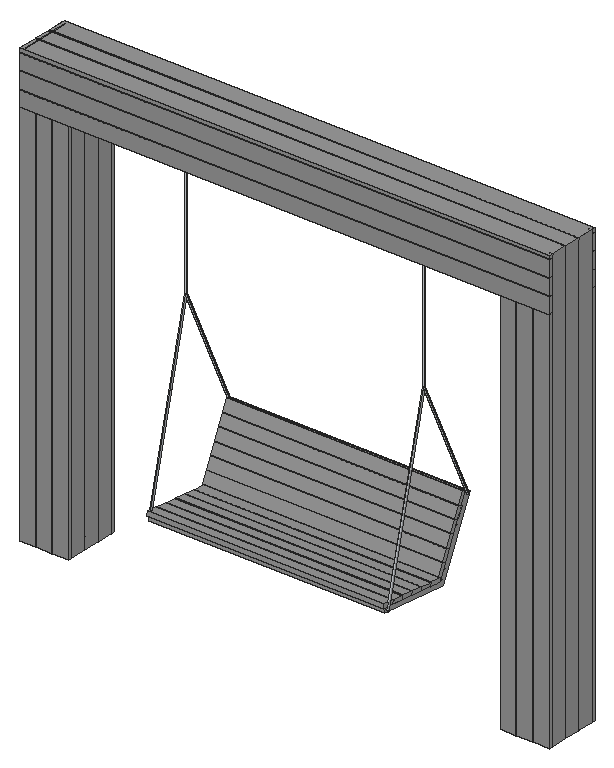
Revit family "14001 Диван-качели «Олимпия» Хоббика", category Антураж, Revit 2018
Family settings
  На основе рабочей плоскости = Нет
  Всегда вертикально = Да
  При загрузке вырезать с полостями = Нет
  Источник визуального образа = Геометрия семейства
  Общий = Нет
  Точка расчета площади = Нет
Parameters (values of type "Версия "Лиственница"")
  Ширина = 665 mm  # constant formula
  Цвет отделки = Лиственница
  Цвет каркаса = Сталь
  Описание = if((Ангарская сосна), "Диван-качели «Олимпия». Версия Ангарская сосна", "Диван-качели «Олимпия». Версия Лиственница")  # "Диван-качели «Олимпия». Версия Лиственница"
  Материал изделия = "Сталь, дерево"  # constant formula
  Лиственница = not(Ангарская сосна)  # yes
  Изображение типоразмера = Диван-качели «Олимпия» Арт 14001.jpg
  Изготовитель = "ООО «Хоббика»"  # constant formula
  Длина = 3360 mm  # constant formula
  Группа модели = "Парковые качели"  # constant formula
  Высота = 2800 mm  # constant formula
  Артикул товара = "Арт. 14001"  # constant formula
  Ангарская сосна = no
  URL = "https://hobbyka.ru/product/divankacheli_olimpiya/"
Types (3, lengths in mm): name | Цвет отделки | Описание | Лиственница | Ангарская сосна
  (no name) | Лиственница | "Диван-качели «Олимпия». Версия Лиственница" | yes | no
  Версия "Ангарская сосна" | Ангарская сосна | "Диван-качели «Олимпия». Версия Ангарская сосна" | no | yes
  Версия "Лиственница" | Лиственница | "Диван-качели «Олимпия». Версия Лиственница" | yes | no
Reference planes
  plane 1 "По центру (Вперед/Назад)": y = 0
  plane 2: z = 0
  plane 3 "По центру (Влево/Вправо)": x = 0
  plane 4: y = 180
  plane 5: y = -180
  plane 6: x = -1680
  plane 7: x = 1680
  plane 8: z = 2800
  plane 9: y = 332.5
  plane 10: y = -332.5
Forms (mm)
  Extrusion 1, solid, material "Лиственница" <- "Цвет отделки"
    sketch origin (0, 0, 0) x (1, 0, 0) y (0, 1, 0)
      loop
        line (-1680, 155) -> (-1680, 55) -> (-1660, 55) -> (-1660, 155) -> (-1680, 155)
      loop
        line (-1680, -50) -> (-1660, -50) -> (-1660, 50) -> (-1680, 50) -> (-1680, -50)
      loop
        line (-1680, -155) -> (-1660, -155) -> (-1660, -55) -> (-1680, -55) -> (-1680, -155)
      loop
        line (1660, 155) -> (1660, 55) -> (1680, 55) -> (1680, 155) -> (1660, 155)
      loop
        line (1660, -50) -> (1680, -50) -> (1680, 50) -> (1660, 50) -> (1660, -50)
      loop
        line (1660, -155) -> (1680, -155) -> (1680, -55) -> (1660, -55) -> (1660, -155)
    from 0 to 2800
  Extrusion 2, solid, material "Лиственница" <- "Цвет отделки"
    sketch origin (0, 0, 0) x (1, 0, 0) y (0, 1, 0)
      loop
        line (-1680, 180) -> (-1680, 160) -> (-1580, 160) -> (-1580, 180) -> (-1680, 180)
      loop
        line (-1575, 180) -> (-1575, 160) -> (-1475, 160) -> (-1475, 180) -> (-1575, 180)
      loop
        line (-1470, 180) -> (-1470, 160) -> (-1370, 160) -> (-1370, 180) -> (-1470, 180)
      loop
        line (-1680, -160) -> (-1680, -180) -> (-1580, -180) -> (-1580, -160) -> (-1680, -160)
      loop
        line (-1575, -160) -> (-1575, -180) -> (-1475, -180) -> (-1475, -160) -> (-1575, -160)
      loop
        line (-1470, -160) -> (-1470, -180) -> (-1370, -180) -> (-1370, -160) -> (-1470, -160)
      loop
        line (1370, 180) -> (1370, 160) -> (1470, 160) -> (1470, 180) -> (1370, 180)
      loop
        line (1475, 180) -> (1475, 160) -> (1575, 160) -> (1575, 180) -> (1475, 180)
      loop
        line (1580, 180) -> (1580, 160) -> (1680, 160) -> (1680, 180) -> (1580, 180)
      loop
        line (1370, -160) -> (1370, -180) -> (1470, -180) -> (1470, -160) -> (1370, -160)
      loop
        line (1475, -160) -> (1475, -180) -> (1575, -180) -> (1575, -160) -> (1475, -160)
      loop
        line (1580, -160) -> (1580, -180) -> (1680, -180) -> (1680, -160) -> (1580, -160)
      loop
        line (-1370, 155) -> (-1390, 155) -> (-1390, 55) -> (-1370, 55) -> (-1370, 155)
      loop
        line (-1370, 50) -> (-1390, 50) -> (-1390, -50) -> (-1370, -50) -> (-1370, 50)
      loop
        line (-1370, -55) -> (-1390, -55) -> (-1390, -155) -> (-1370, -155) -> (-1370, -55)
      loop
        line (1370, 155) -> (1370, 55) -> (1390, 55) -> (1390, 155) -> (1370, 155)
      loop
        line (1370, 50) -> (1370, -50) -> (1390, -50) -> (1390, 50) -> (1370, 50)
      loop
        line (1370, -55) -> (1370, -155) -> (1390, -155) -> (1390, -55) -> (1370, -55)
    from 0 to 2465
  Extrusion 3, solid, material "Лиственница" <- "Цвет отделки"
    sketch origin (0, 0, 0) x (0, 1, 0) y (0, 0, 1)
      loop
        line (180, 2800) -> (55, 2800) -> (55, 2780) -> (180, 2780) -> (180, 2800)
      loop
        line (50, 2780) -> (50, 2800) -> (-49.943, 2800) -> (-49.943, 2780) -> (50, 2780)
      loop
        line (-55, 2780) -> (-55, 2800) -> (-180, 2800) -> (-180, 2780) -> (-55, 2780)
      loop
        line (-180, 2775) -> (-180, 2675) -> (-160, 2675) -> (-160, 2775) -> (-180, 2775)
      loop
        line (-180, 2670) -> (-180, 2570) -> (-160, 2570) -> (-160, 2670) -> (-180, 2670)
      loop
        line (-180, 2565) -> (-180, 2465) -> (-160, 2465) -> (-160, 2565) -> (-180, 2565)
      loop
        line (180, 2775) -> (160, 2775) -> (160, 2675) -> (180, 2675) -> (180, 2775)
      loop
        line (180, 2670) -> (160, 2670) -> (160, 2570) -> (180, 2570) -> (180, 2670)
      loop
        line (180, 2565) -> (160, 2565) -> (160, 2465) -> (180, 2465) -> (180, 2565)
    from -1680 to 1680
  Extrusion 4, solid, material "Сталь" <- "Цвет каркаса"
    sketch origin (0, -18.158, 13) x (0, 1, 0) y (0, 0, 1)
      loop
        line (366.069, 895.003) -> (338.88, 907.681) -> (136.854, 474.435) -> (-299.344, 520.282) -> (-302.48, 490.446) -> (155, 442.363) -> (366.069, 895.003)
    from -750 to -720
  Extrusion 5, solid, material "Сталь" <- "Цвет каркаса"
    sketch origin (0, -18.158, 13) x (0, 1, 0) y (0, 0, 1)
      loop
        line (366.069, 895.003) -> (338.88, 907.681) -> (136.854, 474.435) -> (-299.344, 520.282) -> (-302.48, 490.446) -> (155, 442.363) -> (366.069, 895.003)
    from 720 to 750
  Extrusion 6, solid, material "Лиственница" <- "Цвет отделки"
    sketch origin (0, -18.158, 13) x (0, 1, 0) y (0, 0, 1)
      loop
        line (-244.646, 514.533) -> (-242.032, 539.396) -> (-311.649, 546.713) -> (-314.262, 521.85) -> (-244.646, 514.533)
      loop
        line (-170.056, 506.693) -> (-167.443, 531.556) -> (-237.06, 538.873) -> (-239.673, 514.01) -> (-170.056, 506.693)
      loop
        line (-95.467, 498.853) -> (-92.854, 523.716) -> (-162.471, 531.033) -> (-165.084, 506.17) -> (-95.467, 498.853)
      loop
        line (-20.878, 491.014) -> (-18.265, 515.877) -> (-87.881, 523.194) -> (-90.495, 498.331) -> (-20.878, 491.014)
      loop
        line (53.711, 483.174) -> (56.324, 508.037) -> (-13.292, 515.354) -> (-15.905, 490.491) -> (53.711, 483.174)
      loop
        line (128.3, 475.334) -> (130.913, 500.198) -> (61.297, 507.514) -> (58.684, 482.651) -> (128.3, 475.334)
      loop
        line (178.496, 563.737) -> (155.839, 574.302) -> (126.255, 510.861) -> (148.913, 500.295) -> (178.496, 563.737)
      loop
        line (210.193, 631.71) -> (187.535, 642.275) -> (157.952, 578.834) -> (180.609, 568.268) -> (210.193, 631.71)
      loop
        line (241.889, 699.683) -> (219.231, 710.249) -> (189.648, 646.807) -> (212.306, 636.242) -> (241.889, 699.683)
      loop
        line (273.585, 767.656) -> (250.928, 778.222) -> (221.344, 714.78) -> (244.002, 704.215) -> (273.585, 767.656)
      loop
        line (305.282, 835.629) -> (282.624, 846.195) -> (253.041, 782.753) -> (275.698, 772.188) -> (305.282, 835.629)
      loop
        line (336.978, 903.602) -> (314.32, 914.168) -> (284.737, 850.726) -> (307.395, 840.161) -> (336.978, 903.602)
    from -750 to 750
  Extrusion 7, solid, material "Сталь" <- "Цвет каркаса"
    sketch origin (0, -18.158, 0) x (0, 1, 0) y (0, 0, 1)
      loop
        line (-299.344, 533.282) -> (-302.48, 503.446) -> (-272.644, 500.31) -> (-269.509, 530.146) -> (-299.344, 533.282)
      loop
        line (366.069, 908.003) -> (338.88, 920.681) -> (326.202, 893.492) -> (353.391, 880.814) -> (366.069, 908.003)
    from -750 to 750
  Sweep 8, solid
    path origin (0, -18.158, 0) x (0, 1, 0) y (0, 0, 1)
      loop
        line (0, 2460) -> (0, 1660) -> (346.136, 900.747)
    profile origin (0, -18.158, 2060) x (1, 0, 0) y (0, 1, 0)
      loop
        circle (-755, 0) r 5
  Sweep 9, solid
    path origin (0, -18.158, 0) x (0, 1, 0) y (0, 0, 1)
      loop
        line (-285.994, 516.796) -> (0, 1660)
    profile origin (0, -161.155, 1088.398) x (0, -0.970104, 0.24269) y (1, 0, 0)
      loop
        circle (0, -755) r 5
  Sweep 10, solid
    path origin (755, -18.158, 0) x (0, 1, 0) y (0, 0, -1)
      loop
        line (0, -2460) -> (0, -1660) -> (346.136, -900.747)
    profile origin (755, -18.158, 2060) x (-1, 0, 0) y (0, -1, 0)
      loop
        circle (0, 0) r 5
  Sweep 11, solid
    path origin (755, -18.158, 201.213) x (0, 1, 0) y (0, 0, -1)
      loop
        line (-286.28, -315.654) -> (0, -1460)
    profile origin (755, -161.298, 1089.04) x (0, 0.970104, -0.24269) y (-1, 0, 0)
      loop
        circle (0, 0) r 5
  Extrusion 12, solid, material "Лиственница" <- "Цвет отделки"
    sketch origin (0, 0, -315) x (0, 1, 0) y (0, 0, 1)
      loop
        line (155, 2800) -> (55, 2800) -> (55, 2780) -> (155, 2780) -> (155, 2800)
      loop
        line (50, 2780) -> (50, 2800) -> (-49.943, 2800) -> (-49.943, 2780) -> (50, 2780)
      loop
        line (-55, 2780) -> (-55, 2800) -> (-155, 2800) -> (-155, 2780) -> (-55, 2780)
    from -1370 to 1370
Cuts and joins
  joined: Extrusion 4, Extrusion 7
Dimensions and locks
  "Длина": plane 6 to plane 7
  equal spacing: plane 6, plane 3 "По центру (Влево/Вправо)", plane 7
  equal spacing: plane 4, plane 1 "По центру (Вперед/Назад)", plane 5
  "Высота": plane 8 to level
  equal spacing: plane 10, plane 1 "По центру (Вперед/Назад)", plane 9
  "Ширина": plane 10 to plane 9
  aligned and locked: level to plane 2
Automatic sketch dimensions
  Extrusion 1 sketch curve to plane 6 = 0 mm  (x3)
  Extrusion 1 sketch curve to plane 7 = 0 mm  (x3)
  Extrusion 1 sketch curve to Extrusion 1 sketch curve = 20 mm  (x2)
  Extrusion 1 sketch curve to Extrusion 1 sketch curve = 0 mm  (x2)
  Extrusion 1 sketch curve to plane 7 = 20 mm  (x2)
  plane 5 to Extrusion 1 sketch curve = 25 mm  (x2)
  plane 1 "По центру (Вперед/Назад)" to Extrusion 1 sketch curve = 55 mm  (x2)
  Extrusion 1 sketch curve to Extrusion 1 sketch curve = 5 mm  (x4)
  Extrusion 1 sketch curve to plane 1 "По центру (Вперед/Назад)" = 50 mm  (x2)
  Extrusion 1 sketch curve to plane 4 = 25 mm  (x2)
  Extrusion 2 sketch curve to plane 4 = 0 mm  (x6)
  Extrusion 2 sketch curve to plane 6 = 0 mm  (x2)
  Extrusion 2 sketch curve to plane 5 = 0 mm  (x6)
  Extrusion 2 sketch curve to plane 7 = 0 mm  (x2)
  plane 5 to Extrusion 2 sketch curve = 20 mm  (x2)
  Extrusion 2 sketch curve to Extrusion 2 sketch curve = 100 mm  (x6)
  Extrusion 2 sketch curve to plane 4 = 20 mm  (x5)
  Extrusion 2 sketch curve to Extrusion 2 sketch curve = 5 mm  (x16)
  plane 1 "По центру (Вперед/Назад)" to Extrusion 2 sketch curve = 55 mm  (x2)
  Extrusion 2 sketch curve to Extrusion 2 sketch curve = 80 mm  (x4)
  Extrusion 2 sketch curve to plane 1 "По центру (Вперед/Назад)" = 50 mm
  Extrusion 2 sketch curve to Extrusion 2 sketch curve = 0 mm  (x10)
  Extrusion 2 sketch curve to plane 4 = 25 mm
  Extrusion 2 sketch curve to Extrusion 2 sketch curve = 20 mm  (x7)
  Extrusion 2 sketch curve to plane 7 = 310 mm
  Extrusion 2 sketch curve to plane 1 "По центру (Вперед/Назад)" = 55 mm
  Extrusion 3 sketch curve to plane 5 = 0 mm  (x4)
  Extrusion 3 sketch curve to plane 8 = 0 mm  (x3)
  Extrusion 3 sketch curve to plane 4 = 0 mm  (x4)
  Extrusion 3 sketch curve to Extrusion 3 sketch curve = 20 mm  (x3)
  Extrusion 3 sketch curve to Extrusion 3 sketch curve = 0 mm  (x4)
  Extrusion 3 sketch curve to plane 8 = 20 mm  (x2)
  plane 1 "По центру (Вперед/Назад)" to Extrusion 3 sketch curve = 55 mm
  Extrusion 3 sketch curve to Extrusion 3 sketch curve = 5.057 mm
  Extrusion 3 sketch curve to plane 1 "По центру (Вперед/Назад)" = 50 mm
  Extrusion 3 sketch curve to Extrusion 3 sketch curve = 5 mm  (x6)
  Extrusion 3 sketch curve to plane 8 = 25 mm
  Extrusion 3 sketch curve to Extrusion 3 sketch curve = 100 mm  (x6)
  Extrusion 4 sketch curve to plane 10 = 11.862 mm
  Extrusion 4 sketch curve to plane 10 = 14.998 mm
  Extrusion 4 sketch curve to plane 4 = 61.304 mm
  Extrusion 4 sketch curve to Extrusion 4 sketch curve = 18.146 mm
  plane 9 to Extrusion 4 sketch curve = 11.778 mm
  Extrusion 4 sketch curve to plane 9 = 15.411 mm
  level to Extrusion 4 sketch curve = 455.363 mm
  Extrusion 4 sketch curve to Extrusion 4 sketch curve = 32.072 mm
  Extrusion 5 sketch curve to plane 10 = 11.862 mm
  Extrusion 5 sketch curve to plane 10 = 14.998 mm
  Extrusion 5 sketch curve to plane 4 = 61.304 mm
  Extrusion 5 sketch curve to Extrusion 5 sketch curve = 18.146 mm
  plane 9 to Extrusion 5 sketch curve = 11.778 mm
  Extrusion 5 sketch curve to plane 9 = 15.411 mm
  level to Extrusion 5 sketch curve = 455.363 mm
  Extrusion 5 sketch curve to Extrusion 5 sketch curve = 32.072 mm
  Extrusion 6 sketch curve to plane 10 = 0.08 mm
  Extrusion 6 sketch curve to plane 10 = 2.693 mm
  Extrusion 6 sketch curve to plane 10 = 69.696 mm
  Extrusion 6 sketch curve to Extrusion 6 sketch curve = 4.973 mm  (x8)
  Extrusion 6 sketch curve to plane 5 = 8.214 mm
  Extrusion 6 sketch curve to plane 5 = 3.242 mm
  Extrusion 6 sketch curve to plane 5 = 0.629 mm
  plane 5 to Extrusion 6 sketch curve = 66.375 mm
  plane 1 "По центру (Вперед/Назад)" to Extrusion 6 sketch curve = 39.036 mm
  Extrusion 6 sketch curve to plane 1 "По центру (Вперед/Назад)" = 35.553 mm
  Extrusion 6 sketch curve to Extrusion 6 sketch curve = 64.958 mm
  Extrusion 6 sketch curve to Extrusion 6 sketch curve = 2.045 mm
  Extrusion 6 sketch curve to Extrusion 6 sketch curve = 18 mm
  Extrusion 6 sketch curve to plane 4 = 42.319 mm
  Extrusion 6 sketch curve to Extrusion 6 sketch curve = 2.113 mm  (x10)
  Extrusion 6 sketch curve to plane 4 = 10.623 mm
  plane 4 to Extrusion 6 sketch curve = 21.073 mm
  plane 4 to Extrusion 6 sketch curve = 52.77 mm
  plane 9 to Extrusion 6 sketch curve = 68.034 mm
  plane 9 to Extrusion 6 sketch curve = 36.338 mm
  level to Extrusion 6 sketch curve = 488.334 mm
  Extrusion 6 sketch curve to Extrusion 6 sketch curve = 7.317 mm  (x6)
  Extrusion 6 sketch curve to Extrusion 6 sketch curve = 0.523 mm  (x5)
  Extrusion 6 sketch curve to Extrusion 6 sketch curve = 0.098 mm
  Extrusion 6 sketch curve to Extrusion 6 sketch curve = 10.663 mm
  Extrusion 6 sketch curve to Extrusion 6 sketch curve = 4.532 mm  (x10)
  Extrusion 7 sketch curve to plane 10 = 11.862 mm
  Extrusion 7 sketch curve to plane 10 = 14.998 mm
  Extrusion 7 sketch curve to Extrusion 7 sketch curve = 29.836 mm
  plane 9 to Extrusion 7 sketch curve = 24.456 mm
  plane 9 to Extrusion 7 sketch curve = 11.778 mm
  Extrusion 7 sketch curve to plane 9 = 2.733 mm
  level to Extrusion 7 sketch curve = 500.31 mm
  Extrusion 7 sketch curve to Extrusion 7 sketch curve = 3.136 mm
  Extrusion 7 sketch curve to Extrusion 7 sketch curve = 350.668 mm
  Extrusion 7 sketch curve to Extrusion 7 sketch curve = 12.679 mm
  plane 1 "По центру (Вперед/Назад)" to Sweep 8 sketch curve = 18.158 mm
  Sweep 8 sketch curve to plane 8 = 1140 mm
  plane 9 to Sweep 8 sketch curve = 4.523 mm
  Sweep 8 sketch curve to Sweep 8 sketch curve = 759.253 mm
  Sweep 8 sketch curve to plane 8 = 340 mm
  profile plane to Sweep 8 sketch curve = 0 mm
  Sweep 8 sketch curve to plane 3 "По центру (Влево/Вправо)" = 755 mm
  Sweep 9 sketch curve to plane 10 = 28.348 mm
  level to Sweep 9 sketch curve = 516.796 mm
  plane 1 "По центру (Вперед/Назад)" to Sweep 9 sketch curve = 18.158 mm
  Sweep 9 sketch curve to Sweep 9 sketch curve = 1143.204 mm
  Sweep 9 sketch curve to profile plane = 0 mm
  Sweep 9 sketch curve to plane 3 "По центру (Влево/Вправо)" = 755 mm
  plane 1 "По центру (Вперед/Назад)" to Sweep 10 sketch curve = 18.158 mm
  Sweep 10 sketch curve to plane 8 = 1140 mm
  plane 9 to Sweep 10 sketch curve = 4.523 mm
  Sweep 10 sketch curve to plane 8 = 340 mm
  Sweep 10 sketch curve to Sweep 10 sketch curve = 759.253 mm
  Sweep 10 sketch curve to profile plane = 0 mm  (x2)
  profile plane to Sweep 11 sketch curve = 0 mm
  Sweep 11 sketch curve to profile plane = 0 mm
  plane 5 to Extrusion 12 sketch curve = 25 mm
  plane 1 "По центру (Вперед/Назад)" to Extrusion 12 sketch curve = 55 mm
  Extrusion 12 sketch curve to Extrusion 12 sketch curve = 5.057 mm
  Extrusion 12 sketch curve to plane 1 "По центру (Вперед/Назад)" = 50 mm
  Extrusion 12 sketch curve to Extrusion 12 sketch curve = 5 mm
  Extrusion 12 sketch curve to plane 4 = 25 mm
  Extrusion 12 sketch curve to plane 8 = 335 mm
  Extrusion 12 sketch curve to Extrusion 12 sketch curve = 0 mm  (x4)
  Extrusion 12 sketch curve to Extrusion 12 sketch curve = 20 mm
  Sweep 11 sketch curve to plane 10 = 28.062 mm
  plane 1 "По центру (Вперед/Назад)" to Sweep 11 sketch curve = 18.158 mm
  Sweep 11 sketch curve to plane 8 = 1138.786 mm
  level to Sweep 11 sketch curve = 516.867 mm
  radius of Sweep 8 sketch curve = 5 mm
  radius of Sweep 9 sketch curve = 5 mm
  radius of Sweep 10 sketch curve = 5 mm
  radius of Sweep 11 sketch curve = 5 mm
